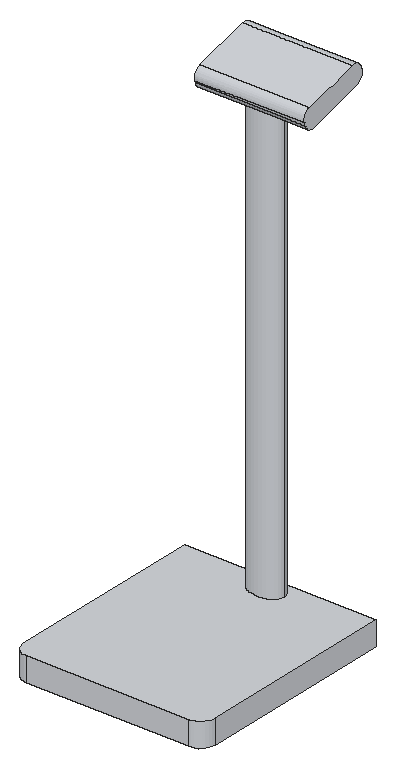
Revit family "MX305", category Specialty Equipment, Revit 2021
Family settings
  Round Connector Dimension = Use Diameter
  Part Type = Normal
  Work Plane-Based = No
  Always vertical = Yes
  Cut with Voids When Loaded = No
  Shared = No
  Room Calculation Point = No
Parameters
  width = 16.0"
  to wall = 2.84"
  OA HGT = 43.398"
  Height from Floor = 41.74"
  Default Elevation = 0.0"
Reference planes (in)
  plane 1 "Center (Front/Back)": y = 0
  plane 2: z = 0
  plane 3 "Center (Left/Right)": x = 0
  plane 4: x = -8
  plane 5: x = 8
  plane 6: y = 2.84
  plane 7: z = 41.74
  plane 8: y = -18.03338
Forms (in)
  Extrusion 1, solid
    sketch origin (0, 0, 0) x (1, 0, 0) y (0, 1, 0)
      loop
        line (-8, 0) -> (-8, -16.75463)
        arc (-8, -16.75463) -> (-7.63388, -17.63851) -> (-6.75, -18.00463) r 1.25
        line (-6.75, -18.00463) -> (6.75, -18.00463)
        arc (6.75, -18.00463) -> (7.63388, -17.63851) -> (8, -16.75463) r 1.25
        line (8, -16.75463) -> (8, 0) -> (-8, 0)
    from 0 to 2
  Extrusion 2, solid
    sketch origin (0, 0, 0) x (1, 0, 0) y (0, 1, 0)
      loop
        spline (1.42676, -1.33274) -> (1.37565, -1.07392) -> (1.2258, -0.83274) -> (0.98742, -0.62563) -> (0.67676, -0.46671) -> (0.31499, -0.36681) -> (-0.07324, -0.33274) -> (-0.46147, -0.36681) -> (-0.82324, -0.46671) -> (-1.1339, -0.62563) -> (-1.37228, -0.83274) -> (-1.52213, -1.07392) -> (-1.57324, -1.33274)
        spline (-1.57324, -1.33274) -> (-1.52213, -1.59155) -> (-1.37228, -1.83274) -> (-1.1339, -2.03984) -> (-0.82324, -2.19876) -> (-0.46147, -2.29866) -> (-0.07324, -2.33274) -> (0.31499, -2.29866) -> (0.67676, -2.19876) -> (0.98742, -2.03984) -> (1.2258, -1.83274) -> (1.37565, -1.59155) -> (1.42676, -1.33274)
    from 2 to 39.31418
  Extrusion 3, solid
    sketch origin (0, 22.41669, -5.27068) x (0, 0.965926, 0.258819) y (0, -0.258819, 0.965926)
      loop
        arc (-12.46516, 50.60116) -> (-12.99549, 50.38149) -> (-13.21516, 49.85116) r 0.75
        line (-13.21516, 49.85116) -> (-13.21516, 49.63415)
        arc (-13.21516, 49.63415) -> (-12.99549, 49.10382) -> (-12.46516, 48.88415) r 0.75
        line (-12.46516, 48.88415) -> (-7.82644, 48.88415)
        arc (-7.82644, 48.88415) -> (-7.29611, 49.10382) -> (-7.07644, 49.63415) r 0.75
        line (-7.07644, 49.63415) -> (-7.07644, 49.85116)
        arc (-7.07644, 49.85116) -> (-7.29611, 50.38149) -> (-7.82644, 50.60116) r 0.75
        line (-7.82644, 50.60116) -> (-12.46516, 50.60116)
    from 4.63774 to -4.5
Dimensions and locks (in)
  equal spacing: plane 4, plane 3 "Center (Left/Right)", plane 5
  "width": plane 4 to plane 5
  "to wall": plane 6 to plane 1 "Center (Front/Back)"
  "Height from Floor": plane 7 to level
  plane 8 to plane 6 = 20.87338"
  aligned and locked: level to plane 2
Automatic sketch dimensions
  plane 1 "Center (Front/Back)" to Extrusion 1 sketch curve = 0.0"
  Extrusion 1 sketch curve to plane 4 = 0.0"
  Extrusion 1 sketch curve to plane 5 = 0.0"
  Extrusion 1 sketch curve to Extrusion 1 sketch curve = 1.25"  (x2)
  plane 1 "Center (Front/Back)" to Extrusion 1 sketch curve = 16.75463"
  Extrusion 2 sketch curve to plane 3 "Center (Left/Right)" = 0.07324"
  plane 1 "Center (Front/Back)" to Extrusion 2 sketch curve = 1.33274"
  plane 3 "Center (Left/Right)" to Extrusion 2 sketch curve = 1.42676"
  plane 1 "Center (Front/Back)" to Extrusion 3 sketch curve = 3.19443"
  level to Extrusion 3 sketch curve = 39.25189"
  Extrusion 3 sketch curve to Extrusion 3 sketch curve = 0.75"  (x2)
  Extrusion 3 sketch curve to Extrusion 3 sketch curve = 0.0"  (x2)
  Extrusion 3 sketch curve to Extrusion 3 sketch curve = 4.63872"
  Extrusion 3 sketch curve to Extrusion 3 sketch curve = 0.21701"
